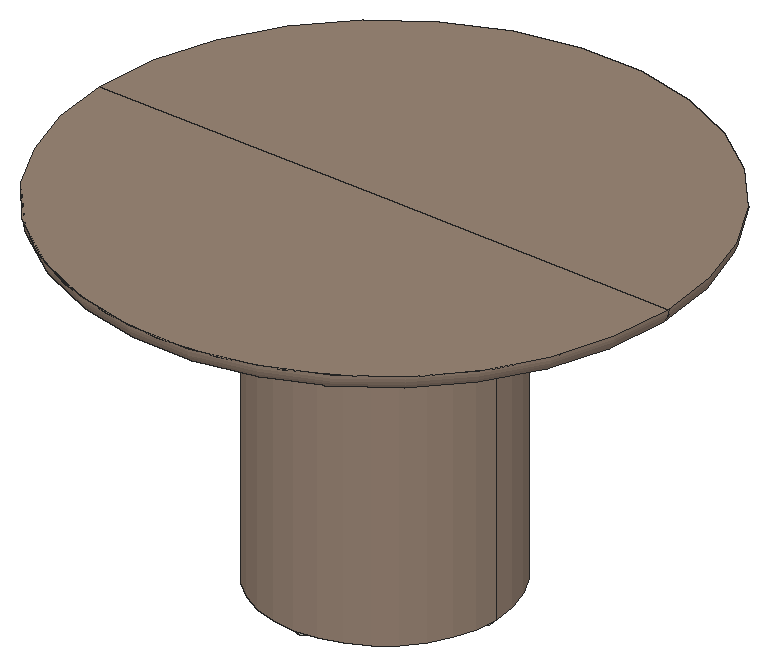
Revit family "Table-Teknion-CFRHBD_Figure_Table_Round_Drum_Base_Half_Bullnose_Edge-R2023", category Furniture, Revit 2023 (continued)
Definition of nested family "7 Inch Compact Recessed Access Door"
  Forms (in)
    SweptBlend 7, solid, material <- "Finish"
      end profile origin (1350, -150, 29.06) x (-1, 0, 0) y (0, -1, 0)
        loop
          arc (-2.98819, 2.64602) -> (-3.24455, 2.53983) -> (-3.35074, 2.28346) r 0.36255
          line (-3.35074, 2.28346) -> (-3.35074, -2.28346)
          arc (-3.35074, -2.28346) -> (-3.24455, -2.53983) -> (-2.98819, -2.64602) r 0.36255
          line (-2.98819, -2.64602) -> (2.98819, -2.64602)
          arc (2.98819, -2.64602) -> (3.24455, -2.53983) -> (3.35074, -2.28346) r 0.36255
          line (3.35074, -2.28346) -> (3.35074, 2.28346)
          arc (3.35074, 2.28346) -> (3.24455, 2.53983) -> (2.98819, 2.64602) r 0.36255
    SweptBlend 8, void
      path origin (0, -150, 0) x (1, 0, 0) y (0, 0, 1)
        loop
          line (1350, 28.30172) -> (1350, 29.13087)
      profile origin (1350, -150, 28.30172) x (-1, 0, 0) y (0, -1, 0)
        loop
          arc (-2.98819, 2.51573) -> (-3.15242, 2.4477) -> (-3.22045, 2.28346) r 0.23226
          line (-3.22045, 2.28346) -> (-3.22045, -2.28346)
          arc (-3.22045, -2.28346) -> (-3.15242, -2.4477) -> (-2.98819, -2.51573) r 0.23226
          line (-2.98819, -2.51573) -> (2.98819, -2.51573)
          arc (2.98819, -2.51573) -> (3.15242, -2.4477) -> (3.22045, -2.28346) r 0.23226
          line (3.22045, -2.28346) -> (3.22045, 2.28346)
          arc (3.22045, 2.28346) -> (3.15242, 2.4477) -> (2.98819, 2.51573) r 0.23226
          line (2.98819, 2.51573) -> (-2.98819, 2.51573)
      end profile origin (1350, -150, 29.13087) x (-1, 0, 0) y (0, -1, 0)
        loop
          arc (3.26378, 2.28346) -> (3.18306, 2.47834) -> (2.98819, 2.55906) r 0.27559
          line (2.98819, 2.55906) -> (-2.98819, 2.55906)
          arc (-2.98819, 2.55906) -> (-3.18306, 2.47834) -> (-3.26378, 2.28346) r 0.27559
          line (-3.26378, 2.28346) -> (-3.26378, -2.28346)
          arc (-3.26378, -2.28346) -> (-3.18306, -2.47834) -> (-2.98819, -2.55906) r 0.27559
          line (-2.98819, -2.55906) -> (2.98819, -2.55906)
          arc (2.98819, -2.55906) -> (3.18306, -2.47834) -> (3.26378, -2.28346) r 0.27559
          line (3.26378, -2.28346) -> (3.26378, 2.28346)
    Sweep 9, solid, material <- "Finish"
      path origin (0, -150, 0) x (1, 0, 0) y (0, 0, 1)
        loop
          line (1350, 29.13087) -> (1350, 29.06)
      profile origin (1350, -150, 29.09543) x (0, -1, 0) y (1, 0, 0)
        loop
          arc (-2.80315, -3.04331) -> (-2.66708, -3.37181) -> (-2.33858, -3.50787) r 0.46457
          line (-2.33858, -3.50787) -> (2.33858, -3.50787)
          arc (2.33858, -3.50787) -> (2.66708, -3.37181) -> (2.80315, -3.04331) r 0.46457
          line (2.80315, -3.04331) -> (2.80315, 3.04331)
          arc (2.80315, 3.04331) -> (2.66708, 3.37181) -> (2.33858, 3.50787) r 0.46457
          line (2.33858, 3.50787) -> (-2.33858, 3.50787)
          arc (-2.33858, 3.50787) -> (-2.66708, 3.37181) -> (-2.80315, 3.04331) r 0.46457
          line (-2.80315, 3.04331) -> (-2.80315, -3.04331)
        loop
          arc (-2.55535, -2.98819) -> (-2.47572, -3.18044) -> (-2.28346, -3.26008) r 0.27189
          line (-2.28346, -3.26008) -> (2.28346, -3.26008)
          arc (2.28346, -3.26008) -> (2.47572, -3.18044) -> (2.55535, -2.98819) r 0.27189
          line (2.55535, -2.98819) -> (2.55535, 2.98819)
          arc (2.55535, 2.98819) -> (2.47572, 3.18044) -> (2.28346, 3.26008) r 0.27189
          line (2.28346, 3.26008) -> (-2.28346, 3.26008)
          arc (-2.28346, 3.26008) -> (-2.47572, 3.18044) -> (-2.55535, 2.98819) r 0.27189
          line (-2.55535, 2.98819) -> (-2.55535, -2.98819)
    Sweep 10, solid, material <- "Finish"
      path origin (0, 0, 0) x (1, 0, 0) y (0, 1, 0)
        loop
          line (1347.02362, -150) -> (1346.71891, -150)
      profile origin (1346.87127, -150, 0) x (0, -1, 0) y (0, 0, 1)
        loop
          line (-1.55173, 28.30409) -> (-1.47299, 28.30409) -> (-1.47161, 28.34346) -> (1.47161, 28.34346) -> (1.47299, 28.30409) -> (1.55173, 28.30409) -> (1.53742, 28.71391)
          arc (1.53742, 28.71391) -> (1.46543, 28.87559) -> (1.30134, 28.94189) r 0.23622
          line (1.30134, 28.94189) -> (-1.30134, 28.94189)
          arc (-1.30134, 28.94189) -> (-1.46543, 28.87559) -> (-1.53742, 28.71391) r 0.23622
          line (-1.53742, 28.71391) -> (-1.55173, 28.30409)
    Sweep 11, solid, material <- "Finish"
      path origin (2700, 0, 0) x (-1, 0, 0) y (0, -1, 0)
        loop
          line (1347.02362, 150) -> (1346.71891, 150)
      profile origin (1353.12873, -150, 0) x (0, 1, 0) y (0, 0, 1)
        loop
          line (1.55173, 28.30409) -> (1.53742, 28.71391)
          arc (1.53742, 28.71391) -> (1.46543, 28.87559) -> (1.30134, 28.94189) r 0.23622
          line (1.30134, 28.94189) -> (-1.30134, 28.94189)
          arc (-1.30134, 28.94189) -> (-1.46543, 28.87559) -> (-1.53742, 28.71391) r 0.23622
          line (-1.53742, 28.71391) -> (-1.55173, 28.30409) -> (-1.47299, 28.30409) -> (-1.47161, 28.34346) -> (1.47161, 28.34346) -> (1.47299, 28.30409) -> (1.55173, 28.30409)
    Sweep 12, void
      path origin (0, 0, 0) x (1, 0, 0) y (0, 1, 0)
        loop
          line (1346.93307, -150) -> (1353.06693, -150)
      profile origin (1350, -150, 0) x (0, 1, 0) y (0, 0, 1)
        loop
          line (0.17902, 28.53406) -> (0.19327, 28.94189) -> (-0.19327, 28.94189) -> (-0.17902, 28.53406)
          arc (-0.17902, 28.53406) -> (0, 28.36118) -> (0.17902, 28.53406) r 0.17913
  Cuts and joins
    joined: Sweep 1, Sweep 2, Sweep 3
    SweptBlend 8 cuts SweptBlend 7
    joined: Sweep 6, SweptBlend 7, Sweep 9
    Sweep 12 cuts Sweep 10
    Sweep 12 cuts Sweep 11
  Lines and regions (in)
    Masking region 1
      outline origin (0, 0, 0) x (1, 0, 0) y (0, 1, 0)
        loop
          line (1353.04331, -147.19685) -> (1346.95669, -147.19685)
          arc (1346.95669, -147.19685) -> (1346.62819, -147.33292) -> (1346.49213, -147.66142) r 0.46457
          line (1346.49213, -147.66142) -> (1346.49213, -152.33858)
          arc (1346.49213, -152.33858) -> (1346.62819, -152.66708) -> (1346.95669, -152.80315) r 0.46457
          line (1346.95669, -152.80315) -> (1353.04331, -152.80315)
          arc (1353.04331, -152.80315) -> (1353.37181, -152.66708) -> (1353.50787, -152.33858) r 0.46457
          line (1353.50787, -152.33858) -> (1353.50787, -147.66142)
          arc (1353.50787, -147.66142) -> (1353.37181, -147.33292) -> (1353.04331, -147.19685) r 0.46457
        loop
          line (1346.77955, -148.44827) -> (1346.85163, -148.44827) -> (1346.85163, -148.14961)
          arc (1346.85163, -148.14961) -> (1346.88586, -148.06696) -> (1346.9685, -148.03273) r 0.11687
          line (1346.9685, -148.03273) -> (1353.0315, -148.03273)
          arc (1353.0315, -148.03273) -> (1353.11414, -148.06696) -> (1353.14837, -148.14961) r 0.11687
          line (1353.14837, -148.14961) -> (1353.14837, -148.44827) -> (1353.22045, -148.44827) -> (1353.22045, -147.71654)
          arc (1353.22045, -147.71654) -> (1353.15242, -147.5523) -> (1352.98819, -147.48427) r 0.23226
          line (1352.98819, -147.48427) -> (1347.01181, -147.48427)
          arc (1347.01181, -147.48427) -> (1346.84758, -147.5523) -> (1346.77955, -147.71654) r 0.23226
          line (1346.77955, -147.71654) -> (1346.77955, -148.44827)
        loop
          line (1346.77955, -151.55173) -> (1346.77955, -152.28346)
          arc (1346.77955, -152.28346) -> (1346.84758, -152.4477) -> (1347.01181, -152.51573) r 0.23226
          line (1347.01181, -152.51573) -> (1352.98819, -152.51573)
          arc (1352.98819, -152.51573) -> (1353.15242, -152.4477) -> (1353.22045, -152.28346) r 0.23226
          line (1353.22045, -152.28346) -> (1353.22045, -151.55173) -> (1353.14837, -151.55173) -> (1353.14837, -151.85039)
          arc (1353.14837, -151.85039) -> (1353.11414, -151.93304) -> (1353.0315, -151.96727) r 0.11687
          line (1353.0315, -151.96727) -> (1346.9685, -151.96727)
          arc (1346.9685, -151.96727) -> (1346.88586, -151.93304) -> (1346.85163, -151.85039) r 0.11687
          line (1346.85163, -151.85039) -> (1346.85163, -151.55173) -> (1346.77955, -151.55173)
    symbolic lines
      curve 1: line (1346.73992, -152.28346, 0) -> (1346.73992, -147.71654, 0)
      curve 2: line (1347.01181, -147.44465, 0) -> (1352.98819, -147.44465, 0)
      curve 3: arc (1346.73992, -147.71654, 0) -> (1346.81956, -147.52428, 0) -> (1347.01181, -147.44465, 0) r 0.27189
      curve 4: line (1353.26008, -147.71654, 0) -> (1353.26008, -152.28346, 0)
      curve 5: arc (1352.98819, -147.44465, 0) -> (1353.18044, -147.52428, 0) -> (1353.26008, -147.71654, 0) r 0.27189
      curve 6: line (1352.98819, -152.55535, 0) -> (1347.01181, -152.55535, 0)
      curve 7: arc (1353.26008, -152.28346, 0) -> (1353.18044, -152.47572, 0) -> (1352.98819, -152.55535, 0) r 0.27189
      curve 8: arc (1347.01181, -152.55535, 0) -> (1346.81956, -152.47572, 0) -> (1346.73992, -152.28346, 0) r 0.27189
      curve 9: line (1346.85163, -148.14961, 0) -> (1346.85163, -151.85039, 0)
      curve 10: line (1353.14837, -151.85039, 0) -> (1353.14837, -148.14961, 0)
      curve 11: line (1346.77955, -147.71654, 0) -> (1346.77955, -152.28346, 0)
      curve 12: line (1353.22045, -147.71654, 0) -> (1353.22045, -152.28346, 0)
      curve 47: line (1346.85163, -148.14961, 0) -> (1346.85163, -151.85039, 0)
      curve 48: line (1353.0315, -148.03273, 0) -> (1346.9685, -148.03273, 0)
      curve 49: arc (1346.9685, -148.03273, 0) -> (1346.88586, -148.06696, 0) -> (1346.85163, -148.14961, 0) r 0.11687
      curve 50: line (1353.14837, -151.85039, 0) -> (1353.14837, -148.14961, 0)
      curve 51: arc (1353.14837, -148.14961, 0) -> (1353.11414, -148.06696, 0) -> (1353.0315, -148.03273, 0) r 0.11687
      curve 52: line (1346.9685, -151.96727, 0) -> (1353.0315, -151.96727, 0)
      curve 53: arc (1353.0315, -151.96727, 0) -> (1353.11414, -151.93304, 0) -> (1353.14837, -151.85039, 0) r 0.11687
      curve 54: arc (1346.85163, -151.85039, 0) -> (1346.88586, -151.93304, 0) -> (1346.9685, -151.96727, 0) r 0.11687
      curve 55: line (1346.77955, -152.28346, 0) -> (1346.77955, -151.55173, 0)
      curve 56: line (1352.98819, -152.51573, 0) -> (1347.01181, -152.51573, 0)
      curve 57: arc (1347.01181, -152.51573, 0) -> (1346.84758, -152.4477, 0) -> (1346.77955, -152.28346, 0) r 0.23226
      curve 58: line (1353.22045, -151.55173, 0) -> (1353.22045, -152.28346, 0)
      curve 59: arc (1353.22045, -152.28346, 0) -> (1353.15242, -152.4477, 0) -> (1352.98819, -152.51573, 0) r 0.23226
      curve 60: line (1346.77955, -148.44827, 0) -> (1346.77955, -147.71654, 0)
      curve 61: line (1347.01181, -147.48427, 0) -> (1352.98819, -147.48427, 0)
      curve 62: arc (1346.77955, -147.71654, 0) -> (1346.84758, -147.5523, 0) -> (1347.01181, -147.48427, 0) r 0.23226
      curve 63: line (1353.22045, -147.71654, 0) -> (1353.22045, -148.44827, 0)
      curve 64: arc (1352.98819, -147.48427, 0) -> (1353.15242, -147.5523, 0) -> (1353.22045, -147.71654, 0) r 0.23226
      curve 65: line (1353.04331, -147.19685, 0) -> (1346.95669, -147.19685, 0)
      curve 66: arc (1346.95669, -147.19685, 0) -> (1346.62819, -147.33292, 0) -> (1346.49213, -147.66142, 0) r 0.46457
      curve 67: line (1346.49213, -147.66142, 0) -> (1346.49213, -152.33858, 0)
      curve 68: arc (1346.49213, -152.33858, 0) -> (1346.62819, -152.66708, 0) -> (1346.95669, -152.80315, 0) r 0.46457
      curve 69: line (1346.95669, -152.80315, 0) -> (1353.04331, -152.80315, 0)
      curve 70: arc (1353.04331, -152.80315, 0) -> (1353.37181, -152.66708, 0) -> (1353.50787, -152.33858, 0) r 0.46457
      curve 71: line (1353.50787, -152.33858, 0) -> (1353.50787, -147.66142, 0)
      curve 72: arc (1353.50787, -147.66142, 0) -> (1353.37181, -147.33292, 0) -> (1353.04331, -147.19685, 0) r 0.46457
    symbolic lines, detail levels medium+fine
      curve 13: line (1347.54528, -150.97283, 0) -> (1348.02559, -150.97283, 0)
      curve 14: line (1348.02559, -150.97283, 0) -> (1348.02559, -151.5626, 0)
      curve 15: line (1348.02559, -151.5626, 0) -> (1347.54528, -151.5626, 0)
      curve 16: line (1347.54528, -151.5626, 0) -> (1347.54528, -150.97283, 0)
      curve 17: line (1351.97441, -148.4374, 0) -> (1352.45472, -148.4374, 0)
      curve 18: line (1351.97441, -149.02717, 0) -> (1351.97441, -148.4374, 0)
      curve 19: line (1352.45472, -149.02717, 0) -> (1351.97441, -149.02717, 0)
      curve 20: line (1352.45472, -148.4374, 0) -> (1352.45472, -149.02717, 0)
      curve 21: line (1347.05512, -148.44685, 0) -> (1347.47244, -148.44685, 0)
      curve 22: line (1347.05512, -151.55315, 0) -> (1347.05512, -148.44685, 0)
      curve 23: line (1347.47244, -151.55315, 0) -> (1347.05512, -151.55315, 0)
      curve 24: line (1347.47244, -148.44685, 0) -> (1347.47244, -151.55315, 0)
      curve 25: line (1347.02362, -151.55173, 0) -> (1346.73992, -151.55173, 0)
      curve 26: line (1347.02362, -151.55173, 0) -> (1347.02362, -148.44827, 0)
      curve 27: line (1347.02362, -148.44827, 0) -> (1346.73992, -148.44827, 0)
      curve 28: line (1346.77955, -148.55314, 0) -> (1347.41732, -148.55314, 0)
      curve 29: line (1347.41732, -148.55314, 0) -> (1347.41732, -151.44686, 0)
      curve 30: line (1347.41732, -151.44686, 0) -> (1346.77955, -151.44686, 0)
      curve 31: line (1347.02362, -149.80673, 0) -> (1346.93307, -149.80673, 0)
      curve 32: line (1346.93307, -149.80673, 0) -> (1346.93307, -150.19327, 0)
      curve 33: line (1346.93307, -150.19327, 0) -> (1347.02362, -150.19327, 0)
      curve 34: line (1352.94488, -148.44685, 0) -> (1352.52756, -148.44685, 0)
      curve 35: line (1352.94488, -151.55315, 0) -> (1352.94488, -148.44685, 0)
      curve 36: line (1352.52756, -151.55315, 0) -> (1352.94488, -151.55315, 0)
      curve 37: line (1352.52756, -148.44685, 0) -> (1352.52756, -151.55315, 0)
      curve 38: line (1352.97638, -151.55173, 0) -> (1353.26008, -151.55173, 0)
      curve 39: line (1352.97638, -151.55173, 0) -> (1352.97638, -148.44827, 0)
      curve 40: line (1352.97638, -148.44827, 0) -> (1353.26008, -148.44827, 0)
      curve 41: line (1353.22045, -148.55314, 0) -> (1352.58268, -148.55314, 0)
      curve 42: line (1352.58268, -148.55314, 0) -> (1352.58268, -151.44686, 0)
      curve 43: line (1352.58268, -151.44686, 0) -> (1353.22045, -151.44686, 0)
      curve 44: line (1352.97638, -149.80673, 0) -> (1353.06693, -149.80673, 0)
      curve 45: line (1353.06693, -149.80673, 0) -> (1353.06693, -150.19327, 0)
      curve 46: line (1353.06693, -150.19327, 0) -> (1352.97638, -150.19327, 0)
  Dimensions and locks (in)
    plane 4 "Left" to plane 5 "Right" = 7.01575"
    plane 6 "Back" to plane 7 "Front" = 5.6063"
    locked: plane 8 "Top" to level at 29.06
    equal spacing: plane 7 "Front", plane 1 "Center Front/Back", plane 6 "Back"
    equal spacing: plane 4 "Left", plane 3 "Center Left/Right", plane 5 "Right"
    plane 9 to plane 8 "Top" to plane 10 = 0.07087" locked, 1.50394" locked
    aligned and locked: level to plane 2
    aligned and locked: Sweep 6 sketch curve to plane 3 "Center Left/Right"
    aligned and locked: plane 3 "Center Left/Right" to SweptBlend 8 sketch curve
    aligned and locked: Sweep 10 sketch curve to plane 1 "Center Front/Back"
  Automatic sketch dimensions
    Sweep 1 sketch curve to plane 3 "Center Left/Right" = 0.000"
    Sweep 1 sketch curve to plane 8 "Top" = 0.12598"
    plane 8 "Top" to Sweep 1 sketch curve = 0.0315"
    Sweep 1 sketch curve to plane 1 "Center Front/Back" = 1.96727"
    Sweep 1 sketch curve to Sweep 1 sketch curve = 0.11687"  (x3)
    plane 1 "Center Front/Back" to Sweep 1 sketch curve = 1.85039"  (x2)
    profile plane to Sweep 1 sketch curve = 3.14837"
    Sweep 1 sketch curve to profile plane = 3.0315"
    plane 4 "Left" to Sweep 2 sketch curve = 1.05315"
    plane 1 "Center Front/Back" to Sweep 2 sketch curve = 0.97077"
    Sweep 2 sketch curve to Sweep 2 sketch curve = 0.48031"
    Sweep 2 sketch curve to profile plane = 0.000"
    profile plane to Sweep 2 sketch curve = 0.01169"
    Sweep 2 sketch curve to Sweep 2 sketch curve = 0.28526"
    Sweep 2 sketch curve to Sweep 2 sketch curve = 0.01169"
    level to Sweep 2 sketch curve = 28.65831"
    Sweep 2 sketch curve to Sweep 2 sketch curve = 0.33476"
    plane 5 "Right" to Sweep 3 sketch curve = 1.53346"
    Sweep 3 sketch curve to plane 6 "Back" = 1.23848"
    Sweep 3 sketch curve to Sweep 3 sketch curve = 0.48031"
    Sweep 3 sketch curve to profile plane = 0.000"
    profile plane to Sweep 3 sketch curve = 0.01169"
    Sweep 3 sketch curve to Sweep 3 sketch curve = 0.28526"
    Sweep 3 sketch curve to Sweep 3 sketch curve = 0.01169"
    level to Sweep 3 sketch curve = 28.65831"
    Sweep 3 sketch curve to Sweep 3 sketch curve = 0.33476"
    plane 1 "Center Front/Back" to Sweep 4 sketch curve = 0.000"
    plane 4 "Left" to Sweep 4 sketch curve = 0.56299"
    Sweep 4 sketch curve to Sweep 4 sketch curve = 0.41732"
    Sweep 4 sketch curve to Sweep 4 sketch curve = 0.000"  (x4)
    profile plane to Sweep 4 sketch curve = 1.26772"
    Sweep 4 sketch curve to profile plane = 1.26772"
    level to Sweep 4 sketch curve = 28.38283"
    Sweep 4 sketch curve to Sweep 4 sketch curve = 0.28543"
    plane 1 "Center Front/Back" to Sweep 5 sketch curve = 0.000"
    plane 5 "Right" to Sweep 5 sketch curve = 0.56299"
    Sweep 5 sketch curve to Sweep 5 sketch curve = 0.41732"
    Sweep 5 sketch curve to Sweep 5 sketch curve = 0.000"  (x4)
    profile plane to Sweep 5 sketch curve = 1.26772"
    Sweep 5 sketch curve to profile plane = 1.26772"
    level to Sweep 5 sketch curve = 28.38283"
    Sweep 5 sketch curve to Sweep 5 sketch curve = 0.28543"
    Sweep 6 sketch curve to plane 10 = 0.000"
    Sweep 6 sketch curve to Sweep 6 sketch curve = 0.74566"
    Sweep 6 sketch curve to Sweep 6 sketch curve = 0.000"  (x8)
    Sweep 6 sketch curve to plane 1 "Center Front/Back" = 2.60628"
    Sweep 6 sketch curve to Sweep 6 sketch curve = 0.09055"  (x2)
    Sweep 6 sketch curve to Sweep 6 sketch curve = 0.23226"  (x3)
    Sweep 6 sketch curve to Sweep 6 sketch curve = 0.8366"  (x4)
    Sweep 6 sketch curve to Sweep 6 sketch curve = 0.09061"  (x4)
    plane 1 "Center Front/Back" to Sweep 6 sketch curve = 1.35626"  (x2)
    profile plane to Sweep 6 sketch curve = 3.311"
    Sweep 6 sketch curve to Sweep 6 sketch curve = 0.63777"
    Sweep 6 sketch curve to profile plane = 2.58268"
    Sweep 6 sketch curve to Sweep 6 sketch curve = 0.40551"
    SweptBlend 7 sketch curve to plane 3 "Center Left/Right" = 0.000"
    SweptBlend 7 sketch curve to plane 8 "Top" = 0.000"
    plane 10 to SweptBlend 7 sketch curve = 0.74566"
    profile plane to SweptBlend 7 sketch curve = 3.311"
    SweptBlend 7 sketch curve to SweptBlend 7 sketch curve = 0.32281"  (x3)
    SweptBlend 7 sketch curve to profile plane = 2.98819"  (x4)
    SweptBlend 7 sketch curve to plane 1 "Center Front/Back" = 2.60628"
    plane 1 "Center Front/Back" to SweptBlend 7 sketch curve = 2.28346"  (x2)
    profile plane to SweptBlend 7 sketch curve = 3.35074"
    SweptBlend 7 sketch curve to SweptBlend 7 sketch curve = 0.36255"  (x3)
    SweptBlend 7 sketch curve to plane 1 "Center Front/Back" = 2.64602"
    SweptBlend 8 sketch curve to plane 9 = 0.000"
    plane 10 to SweptBlend 8 sketch curve = 0.74566"
    profile plane to SweptBlend 8 sketch curve = 3.22045"
    SweptBlend 8 sketch curve to SweptBlend 8 sketch curve = 0.23226"  (x3)
    SweptBlend 8 sketch curve to profile plane = 2.98819"  (x4)
    SweptBlend 8 sketch curve to plane 1 "Center Front/Back" = 2.51573"
    plane 1 "Center Front/Back" to SweptBlend 8 sketch curve = 2.28346"  (x2)
    profile plane to SweptBlend 8 sketch curve = 3.26378"
    SweptBlend 8 sketch curve to SweptBlend 8 sketch curve = 0.27559"  (x3)
    SweptBlend 8 sketch curve to plane 1 "Center Front/Back" = 2.28346"
    Sweep 9 sketch curve to plane 3 "Center Left/Right" = 0.000"
    Sweep 9 sketch curve to plane 8 "Top" = 0.000"
    Sweep 9 sketch curve to plane 9 = 0.000"
    Sweep 9 sketch curve to plane 1 "Center Front/Back" = 2.80315"
    Sweep 9 sketch curve to Sweep 9 sketch curve = 0.2478"  (x2)
    Sweep 9 sketch curve to Sweep 9 sketch curve = 0.21677"  (x4)
    Sweep 9 sketch curve to Sweep 9 sketch curve = 0.05512"  (x5)
    plane 1 "Center Front/Back" to Sweep 9 sketch curve = 2.28346"  (x2)
    profile plane to Sweep 9 sketch curve = 3.50787"
    Sweep 9 sketch curve to profile plane = 2.98819"
    plane 4 "Left" to Sweep 10 sketch curve = 0.22679"
    Sweep 10 sketch curve to Sweep 10 sketch curve = 0.30471"
    profile plane to Sweep 10 sketch curve = 1.55173"
    Sweep 10 sketch curve to Sweep 10 sketch curve = 0.01431"
    Sweep 10 sketch curve to Sweep 10 sketch curve = 0.07874"  (x2)
    Sweep 10 sketch curve to Sweep 10 sketch curve = 0.00137"  (x2)
    Sweep 10 sketch curve to Sweep 10 sketch curve = 0.23608"  (x2)
    Sweep 10 sketch curve to profile plane = 1.30134"
    Sweep 10 sketch curve to Sweep 10 sketch curve = 0.17027"
    level to Sweep 10 sketch curve = 28.30409"
    Sweep 10 sketch curve to Sweep 10 sketch curve = 0.000"
    Sweep 10 sketch curve to Sweep 10 sketch curve = 0.03937"
    Sweep 10 sketch curve to Sweep 10 sketch curve = 0.3622"  (x2)
    Sweep 10 sketch curve to Sweep 10 sketch curve = 0.00824"
    plane 1 "Center Front/Back" to Sweep 11 sketch curve = 0.000"
    plane 5 "Right" to Sweep 11 sketch curve = 0.22679"
    Sweep 11 sketch curve to Sweep 11 sketch curve = 0.30471"
    profile plane to Sweep 11 sketch curve = 1.55173"
    Sweep 11 sketch curve to Sweep 11 sketch curve = 0.01431"
    Sweep 11 sketch curve to Sweep 11 sketch curve = 0.07874"  (x2)
    Sweep 11 sketch curve to Sweep 11 sketch curve = 0.00137"  (x2)
    Sweep 11 sketch curve to Sweep 11 sketch curve = 0.23608"  (x2)
    Sweep 11 sketch curve to profile plane = 1.30134"
    Sweep 11 sketch curve to Sweep 11 sketch curve = 0.17027"
    level to Sweep 11 sketch curve = 28.30409"
    Sweep 11 sketch curve to Sweep 11 sketch curve = 0.000"
    Sweep 11 sketch curve to Sweep 11 sketch curve = 0.03937"
    Sweep 11 sketch curve to Sweep 11 sketch curve = 0.3622"  (x2)
    Sweep 11 sketch curve to Sweep 11 sketch curve = 0.00824"
    plane 1 "Center Front/Back" to Sweep 12 sketch curve = 0.000"
    plane 4 "Left" to Sweep 12 sketch curve = 0.44094"
    plane 5 "Right" to Sweep 12 sketch curve = 0.44094"
    profile plane to Sweep 12 sketch curve = 0.19327"
    Sweep 12 sketch curve to profile plane = 0.17902"
    Sweep 12 sketch curve to profile plane = 0.19327"
    Sweep 12 sketch curve to Sweep 12 sketch curve = 0.40783"  (x2)
    level to Sweep 12 sketch curve = 28.53406"
    profile plane to Sweep 12 sketch curve = 0.17902"
    Sweep 12 sketch curve to Sweep 12 sketch curve = 0.00625"
    Masking region 1 sketch curve to plane 4 "Left" = 0.000"
    Masking region 1 sketch curve to plane 6 "Back" = 0.000"
    plane 7 "Front" to Masking region 1 sketch curve = 0.000"
    Masking region 1 sketch curve to plane 5 "Right" = 0.000"
    plane 4 "Left" to Masking region 1 sketch curve = 0.28742"  (x2)
    Masking region 1 sketch curve to Masking region 1 sketch curve = 0.07208"  (x3)
    Masking region 1 sketch curve to Masking region 1 sketch curve = 0.17714"  (x2)
    plane 4 "Left" to Masking region 1 sketch curve = 0.46457"
    Masking region 1 sketch curve to Masking region 1 sketch curve = 0.11687"  (x4)
    Masking region 1 sketch curve to Masking region 1 sketch curve = 0.05512"  (x5)
    Masking region 1 sketch curve to plane 7 "Front" = 0.28742"
    plane 5 "Right" to Masking region 1 sketch curve = 0.51969"  (x2)
    Masking region 1 sketch curve to Masking region 1 sketch curve = 0.04331"  (x2)
    Masking region 1 sketch curve to Masking region 1 sketch curve = 0.3162"
    Masking region 1 sketch curve to Masking region 1 sketch curve = 0.29867"  (x3)
    Masking region 1 sketch curve to Masking region 1 sketch curve = 0.78686"  (x2)
    plane 4 "Left" to curve 1 = 0.2478"
    curve 31 to plane 1 "Center Front/Back" = 0.19327"
    plane 4 "Left" to curve 31 = 0.44094"
    curve 3 to curve 3 = 0.27189"
    curve 6 to plane 7 "Front" = 0.2478"
    curve 8 to curve 6 = 0.27189"
    curve 25 to curve 26 = 0.2837"
    curve 25 to curve 23 = 0.0315"
    curve 21 to curve 29 = 0.3622"
    curve 29 to curve 23 = 0.05512"
    curve 29 to curve 16 = 0.12795"
    curve 15 to curve 15 = 0.48031"
    plane 5 "Right" to curve 17 = 1.53346"
    curve 18 to curve 20 = 0.48031"
    plane 5 "Right" to curve 37 = 0.98031"
    curve 34 to curve 41 = 0.05512"
    curve 41 to curve 35 = 0.3622"
    curve 34 to curve 40 = 0.0315"
    curve 2 to plane 6 "Back" = 0.2478"
    plane 5 "Right" to curve 2 = 0.51969"
    plane 5 "Right" to curve 7 = 0.51969"
    curve 46 to curve 45 = 0.09055"
    plane 5 "Right" to curve 4 = 0.2478"
    curve 7 to curve 36 = 0.73031"
    curve 15 to curve 24 = 0.00945"
    curve 22 to curve 26 = 0.00142"
    curve 35 to curve 38 = 0.00142"
    curve 36 to curve 43 = 0.10628"
    curve 23 to curve 30 = 0.10628"
    curve 14 to curve 13 = 0.58977"
    plane 1 "Center Front/Back" to curve 32 = 0.19327"
    plane 1 "Center Front/Back" to curve 46 = 0.19327"
    curve 44 to plane 1 "Center Front/Back" = 0.19327"
    curve 44 to curve 19 = 0.77956"
    curve 19 to curve 42 = 0.47404"
    curve 28 to curve 26 = 0.10486"
    curve 41 to curve 39 = 0.10486"
    curve 39 to curve 34 = 0.00142"
    curve 26 to curve 21 = 0.00142"
    curve 34 to curve 17 = 0.00945"
    curve 25 to curve 9 = 0.11171"
    curve 10 to curve 40 = 0.11171"
    curve 12 to curve 7 = 0.03963"
    curve 8 to curve 11 = 0.000"
    curve 10 to curve 38 = 0.29867"
    curve 9 to curve 25 = 0.29867"
    curve 40 to curve 10 = 0.29867"
    curve 27 to curve 9 = 0.29867"
    curve 3 to curve 11 = 0.000"
    curve 12 to curve 5 = 0.000"
    curve 49 to curve 49 = 0.11687"
    curve 48 to curve 10 = 0.11687"
    curve 53 to curve 53 = 0.11687"
    curve 9 to curve 52 = 0.11687"
    curve 8 to curve 57 = 0.000"
    curve 56 to curve 6 = 0.000"
    curve 3 to curve 62 = 0.000"
    curve 61 to curve 2 = 0.000"
    curve 67 to plane 4 "Left" = 0.000"
    curve 65 to plane 6 "Back" = 0.000"
    plane 7 "Front" to curve 68 = 0.000"
    curve 70 to plane 5 "Right" = 0.000"
    curve 65 to curve 2 = 0.05512"
    curve 68 to curve 8 = 0.05512"
    curve 5 to curve 72 = 0.05512"
    curve 7 to curve 70 = 0.05512"
Definition of nested family "12 Inch Standard Recessed Access Door"
  Parameters (values of type "12 Inch Compact Recessed Access Door")
    Warranty = "http://www.teknion.com/ca/papers/legal-canada"
    Unit Weight URL = "http://www.teknion.com/ca/tools/assets#&asset=bee6a381-b954-425e-8283-5a2de3a804f2,f828d448-4b62-4231-9e5f-9a8991c0ed77"
    URL = "www.teknion.com"
    To render please download texture images found here [instance] = "https://assets.teknion.com/web/5e81352c1dfdb467/revit-material-swatches/"
    Sustainability Data = "https://www.teknion.com/ca/tools/assets#&topic=216f99a5-57a0-44fc-b10a-9dee9b29ae4c&asset=444deb64-fe58-4b68-981e-f75e97781df7,b4ff2d81-9f2e-437d-9659-7cffb09c31cf"
    Series = ""
    Product Page URL = ""
    Product Line = ""
    Product Documentation Link = ""
    Part Number = ""
    Model = "1"
    Manufacturer Phone = "416-661-3370"  # constant formula
    Manufacturer Fax = "416.661.4586"  # constant formula
    Manufacturer Contact Information = "http://www.teknion.com/ca/contactus"
    Manufacturer Address = "1150 Flint Road, Toronto, ON. M3J 2J5. Canada"  # constant formula
    Manufacturer = "Teknion"  # constant formula
    How To Use Teknion Materials User Guide [instance] = "https://assets.teknion.com/m/205dd0a49fa58060/original/How-to-add-a-Material-Library-and-Texture-Images-to-your-Revit-project.pdf"
    For Additional Finishes please visit [instance] = "https://assets.teknion.com/m/44a8009b046e5d47/original/Teknion_Materials_Library.zip"
    Finish [instance] = none
    Description = "12 Inch Compact Recessed Access Door"
    Default Elevation = 0.000"
    Assembly Code = "E2020200"
  Reference planes (in)
    plane 1 "Center Front/Back": y = -150
    plane 2: z = 0
    plane 3 "Center Left/Right": x = 1350
    plane 4 "Left": x = 1343.97244
    plane 5 "Right": x = 1356.02756
    plane 6 "Back": y = -147.19685
    plane 7 "Front": y = -152.80315
    plane 8 "Top": z = 29.06
    plane 9: z = 29.13087
    plane 10: z = 27.55606
  Forms (in)
    Sweep 1, solid, material <- "Finish"
      path origin (0, -150, 0) x (1, 0, 0) y (0, 0, 1)
        loop
          line (1350, 29.0915) -> (1350, 28.93402)
      profile origin (1350, -150, 29.01276) x (0, -1, 0) y (1, 0, 0)
        loop
          line (-1.96727, 5.55118) -> (-1.96727, -5.55118)
          arc (-1.96727, -5.55118) -> (-1.93304, -5.63382) -> (-1.85039, -5.66805) r 0.11687
          line (-1.85039, -5.66805) -> (1.85039, -5.66805)
          arc (1.85039, -5.66805) -> (1.93304, -5.63382) -> (1.96727, -5.55118) r 0.11687
          line (1.96727, -5.55118) -> (1.96727, 5.55118)
          arc (1.96727, 5.55118) -> (1.93304, 5.63382) -> (1.85039, 5.66805) r 0.11687
          line (1.85039, 5.66805) -> (-1.85039, 5.66805)
          arc (-1.85039, 5.66805) -> (-1.93304, 5.63382) -> (-1.96727, 5.55118) r 0.11687
    Sweep 2, solid, material <- "Finish"
      path origin (0, 0, 0) x (1, 0, 0) y (0, 1, 0)
        loop
          line (1345.02559, -150.97077) -> (1345.50591, -150.97077)
      profile origin (1345.26575, -150.97077, 0) x (0, 1, 0) y (0, 0, 1)
        loop
          arc (-0.58221, 28.65831) -> (-0.29695, 28.37305) -> (-0.01169, 28.65831) r 0.28526
          line (-0.01169, 28.65831) -> (0, 28.99307) -> (-0.5939, 28.99307) -> (-0.58221, 28.65831)
    Sweep 3, solid, material <- "Finish"
      path origin (4.42913, 2.53543, 0) x (1, 0, 0) y (0, 1, 0)
        loop
          line (1350.06496, -150.97077) -> (1350.54528, -150.97077)
      profile origin (1354.73425, -148.43533, 0) x (0, 1, 0) y (0, 0, 1)
        loop
          arc (-0.58221, 28.65831) -> (-0.29695, 28.37305) -> (-0.01169, 28.65831) r 0.28526
          line (-0.01169, 28.65831) -> (0, 28.99307) -> (-0.5939, 28.99307) -> (-0.58221, 28.65831)
    Sweep 4, solid, material <- "Finish"
      path origin (0, 0, 0) x (1, 0, 0) y (0, 1, 0)
        loop
          line (1344.95276, -150) -> (1344.53543, -150)
      profile origin (1344.74409, -150, 0) x (0, -1, 0) y (0, 0, 1)
        loop
          line (1.26772, 28.9537) -> (-1.26772, 28.9537)
          arc (-1.26772, 28.9537) -> (-1.46955, 28.8701) -> (-1.55315, 28.66827) r 0.28543
          arc (-1.55315, 28.66827) -> (-1.46955, 28.46644) -> (-1.26772, 28.38283) r 0.28543
          line (-1.26772, 28.38283) -> (1.26772, 28.38283)
          arc (1.26772, 28.38283) -> (1.46955, 28.46644) -> (1.55315, 28.66827) r 0.28543
          arc (1.55315, 28.66827) -> (1.46955, 28.8701) -> (1.26772, 28.9537) r 0.28543
    Sweep 5, solid, material <- "Finish"
      path origin (2700, 0, 0) x (-1, 0, 0) y (0, -1, 0)
        loop
          line (1344.95276, 150) -> (1344.53543, 150)
      profile origin (1355.25591, -150, 0) x (0, 1, 0) y (0, 0, 1)
        loop
          arc (-1.26772, 28.9537) -> (-1.46955, 28.8701) -> (-1.55315, 28.66827) r 0.28543
          arc (-1.55315, 28.66827) -> (-1.46955, 28.46644) -> (-1.26772, 28.38283) r 0.28543
          line (-1.26772, 28.38283) -> (1.26772, 28.38283)
          arc (1.26772, 28.38283) -> (1.46955, 28.46644) -> (1.55315, 28.66827) r 0.28543
          arc (1.55315, 28.66827) -> (1.46955, 28.8701) -> (1.26772, 28.9537) r 0.28543
          line (1.26772, 28.9537) -> (-1.26772, 28.9537)
    Sweep 6, solid, material <- "Finish"
      path origin (0, -150, 0) x (1, 0, 0) y (0, 0, 1)
        loop
          line (1350, 28.30172) -> (1350, 27.55606)
      profile origin (1350, -150, 27.92889) x (0, -1, 0) y (1, 0, 0)
        loop
          line (1.35626, -5.83069) -> (2.28346, -5.83069)
          arc (2.28346, -5.83069) -> (2.51173, -5.73614) -> (2.60628, -5.50787) r 0.32281
          line (2.60628, -5.50787) -> (2.60628, 5.50787)
          arc (2.60628, 5.50787) -> (2.51173, 5.73614) -> (2.28346, 5.83069) r 0.32281
          line (2.28346, 5.83069) -> (1.35626, 5.83069) -> (-1.35626, 5.83069) -> (-2.28346, 5.83069)
          arc (-2.28346, 5.83069) -> (-2.51173, 5.73614) -> (-2.60628, 5.50787) r 0.32281
          line (-2.60628, 5.50787) -> (-2.60628, -5.50787)
          arc (-2.60628, -5.50787) -> (-2.51173, -5.73614) -> (-2.28346, -5.83069) r 0.32281
          line (-2.28346, -5.83069) -> (-1.35626, -5.83069) -> (1.35626, -5.83069)
        loop
          arc (2.28346, -5.74014) -> (2.4477, -5.67211) -> (2.51573, -5.50787) r 0.23226
          line (2.51573, -5.50787) -> (2.51573, 5.50787)
          arc (2.51573, 5.50787) -> (2.4477, 5.67211) -> (2.28346, 5.74014) r 0.23226
          line (2.28346, 5.74014) -> (1.44686, 5.74014) -> (1.44686, 5.10236) -> (-1.44686, 5.10236) -> (-1.44686, 5.74014) -> (-2.28346, 5.74014)
          arc (-2.28346, 5.74014) -> (-2.4477, 5.67211) -> (-2.51573, 5.50787) r 0.23226
          line (-2.51573, 5.50787) -> (-2.51573, -5.50787)
          arc (-2.51573, -5.50787) -> (-2.4477, -5.67211) -> (-2.28346, -5.74014) r 0.23226
          line (-2.28346, -5.74014) -> (-1.44686, -5.74014) -> (-1.44686, -5.10236) -> (1.44686, -5.10236) -> (1.44686, -5.74014) -> (2.28346, -5.74014)
    SweptBlend 7, solid, material <- "Finish"
      path origin (0, -150, 0) x (1, 0, 0) y (0, 0, 1)
        loop
          line (1350, 28.30172) -> (1350, 29.06)
      profile origin (1350, -150, 28.30172) x (-1, 0, 0) y (0, -1, 0)
        loop
          line (5.50787, 2.60628) -> (-5.50787, 2.60628)
          arc (-5.50787, 2.60628) -> (-5.73614, 2.51173) -> (-5.83069, 2.28346) r 0.32281
          line (-5.83069, 2.28346) -> (-5.83069, -2.28346)
          arc (-5.83069, -2.28346) -> (-5.73614, -2.51173) -> (-5.50787, -2.60628) r 0.32281
          line (-5.50787, -2.60628) -> (5.50787, -2.60628)
          arc (5.50787, -2.60628) -> (5.73614, -2.51173) -> (5.83069, -2.28346) r 0.32281
          line (5.83069, -2.28346) -> (5.83069, 2.28346)
          arc (5.83069, 2.28346) -> (5.73614, 2.51173) -> (5.50787, 2.60628) r 0.32281
      end profile origin (1350, -150, 29.06) x (-1, 0, 0) y (0, -1, 0)
        loop
          line (5.50787, 2.64602) -> (-5.50787, 2.64602)
          arc (-5.50787, 2.64602) -> (-5.76424, 2.53983) -> (-5.87043, 2.28346) r 0.36255
          line (-5.87043, 2.28346) -> (-5.87043, -2.28346)
          arc (-5.87043, -2.28346) -> (-5.76424, -2.53983) -> (-5.50787, -2.64602) r 0.36255
          line (-5.50787, -2.64602) -> (5.50787, -2.64602)
          arc (5.50787, -2.64602) -> (5.76424, -2.53983) -> (5.87043, -2.28346) r 0.36255
          line (5.87043, -2.28346) -> (5.87043, 2.28346)
          arc (5.87043, 2.28346) -> (5.76424, 2.53983) -> (5.50787, 2.64602) r 0.36255
    SweptBlend 8, void
      path origin (0, -150, 0) x (1, 0, 0) y (0, 0, 1)
        loop
          line (1350, 28.30172) -> (1350, 29.13087)
      profile origin (1350, -150, 28.30172) x (-1, 0, 0) y (0, -1, 0)
        loop
          arc (-5.50787, 2.51573) -> (-5.67211, 2.4477) -> (-5.74014, 2.28346) r 0.23226
          line (-5.74014, 2.28346) -> (-5.74014, -2.28346)
          arc (-5.74014, -2.28346) -> (-5.67211, -2.4477) -> (-5.50787, -2.51573) r 0.23226
          line (-5.50787, -2.51573) -> (5.50787, -2.51573)
          arc (5.50787, -2.51573) -> (5.67211, -2.4477) -> (5.74014, -2.28346) r 0.23226
          line (5.74014, -2.28346) -> (5.74014, 2.28346)
          arc (5.74014, 2.28346) -> (5.67211, 2.4477) -> (5.50787, 2.51573) r 0.23226
          line (5.50787, 2.51573) -> (-5.50787, 2.51573)
      end profile origin (1350, -150, 29.13087) x (-1, 0, 0) y (0, -1, 0)
        loop
          arc (5.78346, 2.28346) -> (5.70275, 2.47834) -> (5.50787, 2.55906) r 0.27559
          line (5.50787, 2.55906) -> (-5.50787, 2.55906)
          arc (-5.50787, 2.55906) -> (-5.70275, 2.47834) -> (-5.78346, 2.28346) r 0.27559
          line (-5.78346, 2.28346) -> (-5.78346, -2.28346)
          arc (-5.78346, -2.28346) -> (-5.70275, -2.47834) -> (-5.50787, -2.55906) r 0.27559
          line (-5.50787, -2.55906) -> (5.50787, -2.55906)
          arc (5.50787, -2.55906) -> (5.70275, -2.47834) -> (5.78346, -2.28346) r 0.27559
          line (5.78346, -2.28346) -> (5.78346, 2.28346)
    Sweep 9, solid, material <- "Finish"
      path origin (0, -150, 0) x (1, 0, 0) y (0, 0, 1)
        loop
          line (1350, 29.13087) -> (1350, 29.06)
      profile origin (1350, -150, 29.09543) x (0, -1, 0) y (1, 0, 0)
        loop
          arc (-2.80315, -5.56299) -> (-2.66708, -5.89149) -> (-2.33858, -6.02756) r 0.46457
          line (-2.33858, -6.02756) -> (2.33858, -6.02756)
          arc (2.33858, -6.02756) -> (2.66708, -5.89149) -> (2.80315, -5.56299) r 0.46457
          line (2.80315, -5.56299) -> (2.80315, 5.56299)
          arc (2.80315, 5.56299) -> (2.66708, 5.89149) -> (2.33858, 6.02756) r 0.46457
          line (2.33858, 6.02756) -> (-2.33858, 6.02756)
          arc (-2.33858, 6.02756) -> (-2.66708, 5.89149) -> (-2.80315, 5.56299) r 0.46457
          line (-2.80315, 5.56299) -> (-2.80315, -5.56299)
        loop
          arc (-2.55535, -5.50787) -> (-2.47572, -5.70013) -> (-2.28346, -5.77976) r 0.27189
          line (-2.28346, -5.77976) -> (2.28346, -5.77976)
          arc (2.28346, -5.77976) -> (2.47572, -5.70013) -> (2.55535, -5.50787) r 0.27189
          line (2.55535, -5.50787) -> (2.55535, 5.50787)
          arc (2.55535, 5.50787) -> (2.47572, 5.70013) -> (2.28346, 5.77976) r 0.27189
          line (2.28346, 5.77976) -> (-2.28346, 5.77976)
          arc (-2.28346, 5.77976) -> (-2.47572, 5.70013) -> (-2.55535, 5.50787) r 0.27189
          line (-2.55535, 5.50787) -> (-2.55535, -5.50787)
    Sweep 10, solid, material <- "Finish"
      path origin (0, 0, 0) x (1, 0, 0) y (0, 1, 0)
        loop
          line (1344.50394, -150) -> (1344.19923, -150)
      profile origin (1344.35158, -150, 0) x (0, -1, 0) y (0, 0, 1)
        loop
          line (-1.55173, 28.30409) -> (-1.47299, 28.30409) -> (-1.47161, 28.34346) -> (1.47161, 28.34346) -> (1.47299, 28.30409) -> (1.55173, 28.30409) -> (1.53742, 28.71391)
          arc (1.53742, 28.71391) -> (1.46543, 28.87559) -> (1.30134, 28.94189) r 0.23622
          line (1.30134, 28.94189) -> (-1.30134, 28.94189)
          arc (-1.30134, 28.94189) -> (-1.46543, 28.87559) -> (-1.53742, 28.71391) r 0.23622
          line (-1.53742, 28.71391) -> (-1.55173, 28.30409)
    Sweep 11, solid, material <- "Finish"
      path origin (2700, 0, 0) x (-1, 0, 0) y (0, -1, 0)
        loop
          line (1344.50394, 150) -> (1344.19923, 150)
      profile origin (1355.64842, -150, 0) x (0, 1, 0) y (0, 0, 1)
        loop
          line (1.55173, 28.30409) -> (1.53742, 28.71391)
          arc (1.53742, 28.71391) -> (1.46543, 28.87559) -> (1.30134, 28.94189) r 0.23622
          line (1.30134, 28.94189) -> (-1.30134, 28.94189)
          arc (-1.30134, 28.94189) -> (-1.46543, 28.87559) -> (-1.53742, 28.71391) r 0.23622
          line (-1.53742, 28.71391) -> (-1.55173, 28.30409) -> (-1.47299, 28.30409) -> (-1.47161, 28.34346) -> (1.47161, 28.34346) -> (1.47299, 28.30409) -> (1.55173, 28.30409)
  Cuts and joins
    joined: Sweep 2, Sweep 3
    SweptBlend 8 cuts SweptBlend 7
    joined: Sweep 6, SweptBlend 7, Sweep 9, Sweep 10, Sweep 11
  Lines and regions (in)
    Masking region 1
      outline origin (-2.51969, 0, 0) x (1, 0, 0) y (0, 1, 0)
        loop
          line (1358.08268, -147.19685) -> (1346.95669, -147.19685)
          arc (1346.95669, -147.19685) -> (1346.62819, -147.33292) -> (1346.49213, -147.66142) r 0.46457
          line (1346.49213, -147.66142) -> (1346.49213, -152.33858)
          arc (1346.49213, -152.33858) -> (1346.62819, -152.66708) -> (1346.95669, -152.80315) r 0.46457
          line (1346.95669, -152.80315) -> (1358.08268, -152.80315)
          arc (1358.08268, -152.80315) -> (1358.41118, -152.66708) -> (1358.54724, -152.33858) r 0.46457
          line (1358.54724, -152.33858) -> (1358.54724, -147.66142)
          arc (1358.54724, -147.66142) -> (1358.41118, -147.33292) -> (1358.08268, -147.19685) r 0.46457
        loop
          line (1346.77955, -148.44827) -> (1346.85163, -148.44827) -> (1346.85163, -148.14961)
          arc (1346.85163, -148.14961) -> (1346.88586, -148.06696) -> (1346.9685, -148.03273) r 0.11687
          line (1346.9685, -148.03273) -> (1358.07087, -148.03273)
          arc (1358.07087, -148.03273) -> (1358.15351, -148.06696) -> (1358.18774, -148.14961) r 0.11687
          line (1358.18774, -148.14961) -> (1358.18774, -148.44827) -> (1358.25982, -148.44827) -> (1358.25982, -147.71654)
          arc (1358.25982, -147.71654) -> (1358.19179, -147.5523) -> (1358.02756, -147.48427) r 0.23226
          line (1358.02756, -147.48427) -> (1347.01181, -147.48427)
          arc (1347.01181, -147.48427) -> (1346.84758, -147.5523) -> (1346.77955, -147.71654) r 0.23226
          line (1346.77955, -147.71654) -> (1346.77955, -148.44827)
        loop
          line (1346.77955, -151.55173) -> (1346.77955, -152.28346)
          arc (1346.77955, -152.28346) -> (1346.84758, -152.4477) -> (1347.01181, -152.51573) r 0.23226
          line (1347.01181, -152.51573) -> (1358.02756, -152.51573)
          arc (1358.02756, -152.51573) -> (1358.19179, -152.4477) -> (1358.25982, -152.28346) r 0.23226
          line (1358.25982, -152.28346) -> (1358.25982, -151.55173) -> (1358.18774, -151.55173) -> (1358.18774, -151.85039)
          arc (1358.18774, -151.85039) -> (1358.15351, -151.93304) -> (1358.07087, -151.96727) r 0.11687
          line (1358.07087, -151.96727) -> (1346.9685, -151.96727)
          arc (1346.9685, -151.96727) -> (1346.88586, -151.93304) -> (1346.85163, -151.85039) r 0.11687
          line (1346.85163, -151.85039) -> (1346.85163, -151.55173) -> (1346.77955, -151.55173)
    symbolic lines
      curve 1: line (1344.22024, -152.28346, 0) -> (1344.22024, -147.71654, 0)
      curve 2: line (1344.49213, -147.44465, 0) -> (1355.50787, -147.44465, 0)
      curve 3: arc (1344.22024, -147.71654, 0) -> (1344.29987, -147.52428, 0) -> (1344.49213, -147.44465, 0) r 0.27189
      curve 4: line (1355.77976, -147.71654, 0) -> (1355.77976, -152.28346, 0)
      curve 5: arc (1355.50787, -147.44465, 0) -> (1355.70013, -147.52428, 0) -> (1355.77976, -147.71654, 0) r 0.27189
      curve 6: line (1355.50787, -152.55535, 0) -> (1344.49213, -152.55535, 0)
      curve 7: arc (1355.77976, -152.28346, 0) -> (1355.70013, -152.47572, 0) -> (1355.50787, -152.55535, 0) r 0.27189
      curve 8: arc (1344.49213, -152.55535, 0) -> (1344.29987, -152.47572, 0) -> (1344.22024, -152.28346, 0) r 0.27189
      curve 9: line (1344.33195, -148.14961, 0) -> (1344.33195, -151.85039, 0)
      curve 10: line (1355.66805, -151.85039, 0) -> (1355.66805, -148.14961, 0)
      curve 11: line (1344.25986, -147.71654, 0) -> (1344.25986, -152.28346, 0)
      curve 12: line (1355.74014, -147.71654, 0) -> (1355.74014, -152.28346, 0)
      curve 41: line (1344.33195, -148.14961, 0) -> (1344.33195, -151.85039, 0)
      curve 42: line (1355.55118, -148.03273, 0) -> (1344.44882, -148.03273, 0)
      curve 43: arc (1344.44882, -148.03273, 0) -> (1344.36618, -148.06696, 0) -> (1344.33195, -148.14961, 0) r 0.11687
      curve 44: line (1355.66805, -151.85039, 0) -> (1355.66805, -148.14961, 0)
      curve 45: arc (1355.66805, -148.14961, 0) -> (1355.63382, -148.06696, 0) -> (1355.55118, -148.03273, 0) r 0.11687
      curve 46: line (1344.44882, -151.96727, 0) -> (1355.55118, -151.96727, 0)
      curve 47: arc (1355.55118, -151.96727, 0) -> (1355.63382, -151.93304, 0) -> (1355.66805, -151.85039, 0) r 0.11687
      curve 48: arc (1344.33195, -151.85039, 0) -> (1344.36618, -151.93304, 0) -> (1344.44882, -151.96727, 0) r 0.11687
      curve 49: line (1344.25986, -152.28346, 0) -> (1344.25986, -151.55173, 0)
      curve 50: line (1355.50787, -152.51573, 0) -> (1344.49213, -152.51573, 0)
      curve 51: arc (1344.49213, -152.51573, 0) -> (1344.32789, -152.4477, 0) -> (1344.25986, -152.28346, 0) r 0.23226
      curve 52: line (1355.74014, -151.55173, 0) -> (1355.74014, -152.28346, 0)
      curve 53: arc (1355.74014, -152.28346, 0) -> (1355.67211, -152.4477, 0) -> (1355.50787, -152.51573, 0) r 0.23226
      curve 54: line (1344.25986, -148.44827, 0) -> (1344.25986, -147.71654, 0)
      curve 55: line (1344.49213, -147.48427, 0) -> (1355.50787, -147.48427, 0)
      curve 56: arc (1344.25986, -147.71654, 0) -> (1344.32789, -147.5523, 0) -> (1344.49213, -147.48427, 0) r 0.23226
      curve 57: line (1355.74014, -147.71654, 0) -> (1355.74014, -148.44827, 0)
      curve 58: arc (1355.50787, -147.48427, 0) -> (1355.67211, -147.5523, 0) -> (1355.74014, -147.71654, 0) r 0.23226
      curve 59: line (1355.56299, -147.19685, 0) -> (1344.43701, -147.19685, 0)
      curve 60: arc (1344.43701, -147.19685, 0) -> (1344.10851, -147.33292, 0) -> (1343.97244, -147.66142, 0) r 0.46457
      curve 61: line (1343.97244, -147.66142, 0) -> (1343.97244, -152.33858, 0)
      curve 62: arc (1343.97244, -152.33858, 0) -> (1344.10851, -152.66708, 0) -> (1344.43701, -152.80315, 0) r 0.46457
      curve 63: line (1344.43701, -152.80315, 0) -> (1355.56299, -152.80315, 0)
      curve 64: arc (1355.56299, -152.80315, 0) -> (1355.89149, -152.66708, 0) -> (1356.02756, -152.33858, 0) r 0.46457
      curve 65: line (1356.02756, -152.33858, 0) -> (1356.02756, -147.66142, 0)
      curve 66: arc (1356.02756, -147.66142, 0) -> (1355.89149, -147.33292, 0) -> (1355.56299, -147.19685, 0) r 0.46457
    symbolic lines, detail levels medium+fine
      curve 13: line (1345.02559, -150.97283, 0) -> (1345.50591, -150.97283, 0)
      curve 14: line (1345.50591, -150.97283, 0) -> (1345.50591, -151.5626, 0)
      curve 15: line (1345.50591, -151.5626, 0) -> (1345.02559, -151.5626, 0)
      curve 16: line (1345.02559, -151.5626, 0) -> (1345.02559, -150.97283, 0)
      curve 17: line (1354.49409, -148.4374, 0) -> (1354.97441, -148.4374, 0)
      curve 18: line (1354.49409, -149.02717, 0) -> (1354.49409, -148.4374, 0)
      curve 19: line (1354.97441, -149.02717, 0) -> (1354.49409, -149.02717, 0)
      curve 20: line (1354.97441, -148.4374, 0) -> (1354.97441, -149.02717, 0)
      curve 21: line (1344.53543, -148.44685, 0) -> (1344.95276, -148.44685, 0)
      curve 22: line (1344.53543, -151.55315, 0) -> (1344.53543, -148.44685, 0)
      curve 23: line (1344.95276, -151.55315, 0) -> (1344.53543, -151.55315, 0)
      curve 24: line (1344.95276, -148.44685, 0) -> (1344.95276, -151.55315, 0)
      curve 25: line (1344.50394, -151.55173, 0) -> (1344.22024, -151.55173, 0)
      curve 26: line (1344.50394, -151.55173, 0) -> (1344.50394, -148.44827, 0)
      curve 27: line (1344.50394, -148.44827, 0) -> (1344.22024, -148.44827, 0)
      curve 28: line (1344.25986, -148.55314, 0) -> (1344.89764, -148.55314, 0)
      curve 29: line (1344.89764, -148.55314, 0) -> (1344.89764, -151.44686, 0)
      curve 30: line (1344.89764, -151.44686, 0) -> (1344.25986, -151.44686, 0)
      curve 31: line (1355.46457, -148.44685, 0) -> (1355.04724, -148.44685, 0)
      curve 32: line (1355.46457, -151.55315, 0) -> (1355.46457, -148.44685, 0)
      curve 33: line (1355.04724, -151.55315, 0) -> (1355.46457, -151.55315, 0)
      curve 34: line (1355.04724, -148.44685, 0) -> (1355.04724, -151.55315, 0)
      curve 35: line (1355.49606, -151.55173, 0) -> (1355.77976, -151.55173, 0)
      curve 36: line (1355.49606, -151.55173, 0) -> (1355.49606, -148.44827, 0)
      curve 37: line (1355.49606, -148.44827, 0) -> (1355.77976, -148.44827, 0)
      curve 38: line (1355.74014, -148.55314, 0) -> (1355.10236, -148.55314, 0)
      curve 39: line (1355.10236, -148.55314, 0) -> (1355.10236, -151.44686, 0)
      curve 40: line (1355.10236, -151.44686, 0) -> (1355.74014, -151.44686, 0)
  Dimensions and locks (in)
    plane 4 "Left" to plane 5 "Right" = 12.05512"
    plane 6 "Back" to plane 7 "Front" = 5.6063"
    locked: plane 8 "Top" to level at 29.06
    equal spacing: plane 7 "Front", plane 1 "Center Front/Back", plane 6 "Back"
    equal spacing: plane 4 "Left", plane 3 "Center Left/Right", plane 5 "Right"
    plane 9 to plane 8 "Top" to plane 10 = 0.07087" locked, 1.50394" locked
    aligned and locked: level to plane 2
    aligned and locked: Sweep 6 sketch curve to plane 3 "Center Left/Right"
    aligned and locked: plane 3 "Center Left/Right" to SweptBlend 8 sketch curve
    aligned and locked: Sweep 10 sketch curve to plane 1 "Center Front/Back"
  Automatic sketch dimensions
    Sweep 1 sketch curve to plane 3 "Center Left/Right" = 0.000"
    Sweep 1 sketch curve to plane 8 "Top" = 0.12598"
    plane 8 "Top" to Sweep 1 sketch curve = 0.0315"
    Sweep 1 sketch curve to plane 1 "Center Front/Back" = 1.96727"
    Sweep 1 sketch curve to Sweep 1 sketch curve = 0.11687"  (x3)
    plane 1 "Center Front/Back" to Sweep 1 sketch curve = 1.85039"  (x2)
    profile plane to Sweep 1 sketch curve = 5.66805"
    Sweep 1 sketch curve to profile plane = 5.55118"
    plane 4 "Left" to Sweep 2 sketch curve = 1.05315"
    plane 1 "Center Front/Back" to Sweep 2 sketch curve = 0.97077"
    Sweep 2 sketch curve to Sweep 2 sketch curve = 0.48031"
    Sweep 2 sketch curve to profile plane = 0.000"
    profile plane to Sweep 2 sketch curve = 0.01169"
    Sweep 2 sketch curve to Sweep 2 sketch curve = 0.28526"
    Sweep 2 sketch curve to Sweep 2 sketch curve = 0.01169"
    level to Sweep 2 sketch curve = 28.65831"
    Sweep 2 sketch curve to Sweep 2 sketch curve = 0.33476"
    plane 5 "Right" to Sweep 3 sketch curve = 1.53346"
    Sweep 3 sketch curve to plane 6 "Back" = 1.23848"
    Sweep 3 sketch curve to Sweep 3 sketch curve = 0.48031"
    Sweep 3 sketch curve to profile plane = 0.000"
    profile plane to Sweep 3 sketch curve = 0.01169"
    Sweep 3 sketch curve to Sweep 3 sketch curve = 0.28526"
    Sweep 3 sketch curve to Sweep 3 sketch curve = 0.01169"
    level to Sweep 3 sketch curve = 28.65831"
    Sweep 3 sketch curve to Sweep 3 sketch curve = 0.33476"
    plane 1 "Center Front/Back" to Sweep 4 sketch curve = 0.000"
    plane 4 "Left" to Sweep 4 sketch curve = 0.56299"
    Sweep 4 sketch curve to Sweep 4 sketch curve = 0.41732"
    Sweep 4 sketch curve to Sweep 4 sketch curve = 0.000"  (x4)
    profile plane to Sweep 4 sketch curve = 1.26772"
    Sweep 4 sketch curve to profile plane = 1.26772"
    level to Sweep 4 sketch curve = 28.38283"
    Sweep 4 sketch curve to Sweep 4 sketch curve = 0.28543"
    plane 1 "Center Front/Back" to Sweep 5 sketch curve = 0.000"
    plane 5 "Right" to Sweep 5 sketch curve = 0.56299"
    Sweep 5 sketch curve to Sweep 5 sketch curve = 0.41732"
    Sweep 5 sketch curve to Sweep 5 sketch curve = 0.000"  (x4)
    profile plane to Sweep 5 sketch curve = 1.26772"
    Sweep 5 sketch curve to profile plane = 1.26772"
    level to Sweep 5 sketch curve = 28.38283"
    Sweep 5 sketch curve to Sweep 5 sketch curve = 0.28543"
    Sweep 6 sketch curve to plane 10 = 0.000"
    Sweep 6 sketch curve to Sweep 6 sketch curve = 0.74566"
    Sweep 6 sketch curve to Sweep 6 sketch curve = 0.000"  (x8)
    Sweep 6 sketch curve to plane 1 "Center Front/Back" = 2.60628"
    Sweep 6 sketch curve to Sweep 6 sketch curve = 0.09055"  (x2)
    Sweep 6 sketch curve to Sweep 6 sketch curve = 0.23226"  (x3)
    Sweep 6 sketch curve to Sweep 6 sketch curve = 0.8366"  (x4)
    Sweep 6 sketch curve to Sweep 6 sketch curve = 0.09061"  (x4)
    plane 1 "Center Front/Back" to Sweep 6 sketch curve = 1.35626"  (x2)
    profile plane to Sweep 6 sketch curve = 5.83069"
    Sweep 6 sketch curve to Sweep 6 sketch curve = 0.63777"
    Sweep 6 sketch curve to profile plane = 5.10236"
    Sweep 6 sketch curve to Sweep 6 sketch curve = 0.40551"
    SweptBlend 7 sketch curve to plane 3 "Center Left/Right" = 0.000"
    SweptBlend 7 sketch curve to plane 8 "Top" = 0.000"
    plane 10 to SweptBlend 7 sketch curve = 0.74566"
    profile plane to SweptBlend 7 sketch curve = 5.83069"
    SweptBlend 7 sketch curve to SweptBlend 7 sketch curve = 0.32281"  (x3)
    SweptBlend 7 sketch curve to profile plane = 5.50787"  (x3)
    SweptBlend 7 sketch curve to plane 1 "Center Front/Back" = 2.60628"
    plane 1 "Center Front/Back" to SweptBlend 7 sketch curve = 2.28346"  (x2)
    SweptBlend 8 sketch curve to plane 9 = 0.000"
    plane 10 to SweptBlend 8 sketch curve = 0.74566"
    profile plane to SweptBlend 8 sketch curve = 5.74014"
    SweptBlend 8 sketch curve to SweptBlend 8 sketch curve = 0.23226"  (x3)
    SweptBlend 8 sketch curve to profile plane = 5.50787"  (x4)
    SweptBlend 8 sketch curve to plane 1 "Center Front/Back" = 2.51573"
    plane 1 "Center Front/Back" to SweptBlend 8 sketch curve = 2.28346"  (x2)
    profile plane to SweptBlend 8 sketch curve = 5.78346"
    SweptBlend 8 sketch curve to SweptBlend 8 sketch curve = 0.27559"  (x3)
    SweptBlend 8 sketch curve to plane 1 "Center Front/Back" = 2.28346"
    Sweep 9 sketch curve to plane 3 "Center Left/Right" = 0.000"
    Sweep 9 sketch curve to plane 8 "Top" = 0.000"
    Sweep 9 sketch curve to plane 9 = 0.000"
    Sweep 9 sketch curve to plane 1 "Center Front/Back" = 2.80315"
    Sweep 9 sketch curve to Sweep 9 sketch curve = 0.2478"  (x2)
    Sweep 9 sketch curve to Sweep 9 sketch curve = 0.21677"  (x4)
    Sweep 9 sketch curve to Sweep 9 sketch curve = 0.05512"  (x5)
    plane 1 "Center Front/Back" to Sweep 9 sketch curve = 2.28346"  (x2)
    profile plane to Sweep 9 sketch curve = 6.02756"
    Sweep 9 sketch curve to profile plane = 5.50787"
    plane 4 "Left" to Sweep 10 sketch curve = 0.22679"
    Sweep 10 sketch curve to Sweep 10 sketch curve = 0.30471"
    profile plane to Sweep 10 sketch curve = 1.55173"
    Sweep 10 sketch curve to Sweep 10 sketch curve = 0.01431"
    Sweep 10 sketch curve to Sweep 10 sketch curve = 0.07874"  (x2)
    Sweep 10 sketch curve to Sweep 10 sketch curve = 0.00137"  (x2)
    Sweep 10 sketch curve to Sweep 10 sketch curve = 0.23608"  (x2)
    Sweep 10 sketch curve to profile plane = 1.30134"
    Sweep 10 sketch curve to Sweep 10 sketch curve = 0.17027"
    level to Sweep 10 sketch curve = 28.30409"
    Sweep 10 sketch curve to Sweep 10 sketch curve = 0.000"
    Sweep 10 sketch curve to Sweep 10 sketch curve = 0.03937"
    Sweep 10 sketch curve to Sweep 10 sketch curve = 0.3622"  (x2)
    Sweep 10 sketch curve to Sweep 10 sketch curve = 0.00824"
    plane 1 "Center Front/Back" to Sweep 11 sketch curve = 0.000"
    plane 5 "Right" to Sweep 11 sketch curve = 0.22679"
    Sweep 11 sketch curve to Sweep 11 sketch curve = 0.30471"
    profile plane to Sweep 11 sketch curve = 1.55173"
    Sweep 11 sketch curve to Sweep 11 sketch curve = 0.01431"
    Sweep 11 sketch curve to Sweep 11 sketch curve = 0.07874"  (x2)
    Sweep 11 sketch curve to Sweep 11 sketch curve = 0.00137"  (x2)
    Sweep 11 sketch curve to Sweep 11 sketch curve = 0.23608"  (x2)
    Sweep 11 sketch curve to profile plane = 1.30134"
    Sweep 11 sketch curve to Sweep 11 sketch curve = 0.17027"
    level to Sweep 11 sketch curve = 28.30409"
    Sweep 11 sketch curve to Sweep 11 sketch curve = 0.000"
    Sweep 11 sketch curve to Sweep 11 sketch curve = 0.03937"
    Sweep 11 sketch curve to Sweep 11 sketch curve = 0.3622"  (x2)
    Sweep 11 sketch curve to Sweep 11 sketch curve = 0.00824"
    SweptBlend 7 sketch curve to plane 1 "Center Front/Back" = 2.28346"
    profile plane to SweptBlend 7 sketch curve = 5.87043"
    SweptBlend 7 sketch curve to SweptBlend 7 sketch curve = 0.36255"  (x3)
    SweptBlend 7 sketch curve to SweptBlend 7 sketch curve = 0.000"
    curve 3 to curve 56 = 0.000"  (x2)
    curve 5 to curve 58 = 0.000"  (x2)
    curve 7 to curve 53 = 0.000"
    curve 8 to curve 51 = 0.000"  (x2)
    plane 6 "Back" to curve 59 = 0.000"
    plane 7 "Front" to curve 62 = 0.000"
    curve 61 to plane 7 "Front" = 0.46457"
    plane 5 "Right" to curve 61 = 12.05512"
    curve 60 to curve 1 = 0.2478"
    curve 3 to curve 54 = 0.03963"
    curve 54 to curve 9 = 0.07208"
    curve 11 to curve 59 = 0.17714"
    curve 48 to curve 46 = 0.11687"
    curve 43 to curve 42 = 0.11687"
    curve 62 to curve 6 = 0.05512"
    curve 60 to curve 3 = 0.05512"
    curve 49 to curve 26 = 0.24407"
    curve 26 to curve 22 = 0.0315"
    curve 22 to curve 30 = 0.3622"
    curve 29 to curve 23 = 0.05512"
    curve 23 to curve 15 = 0.07283"
    curve 15 to curve 14 = 0.48031"
    curve 18 to plane 6 "Back" = 1.24055"
    curve 21 to curve 18 = 9.54134"
    curve 18 to curve 19 = 0.48031"
    curve 33 to plane 7 "Front" = 1.250"
    curve 19 to curve 33 = 0.07283"
